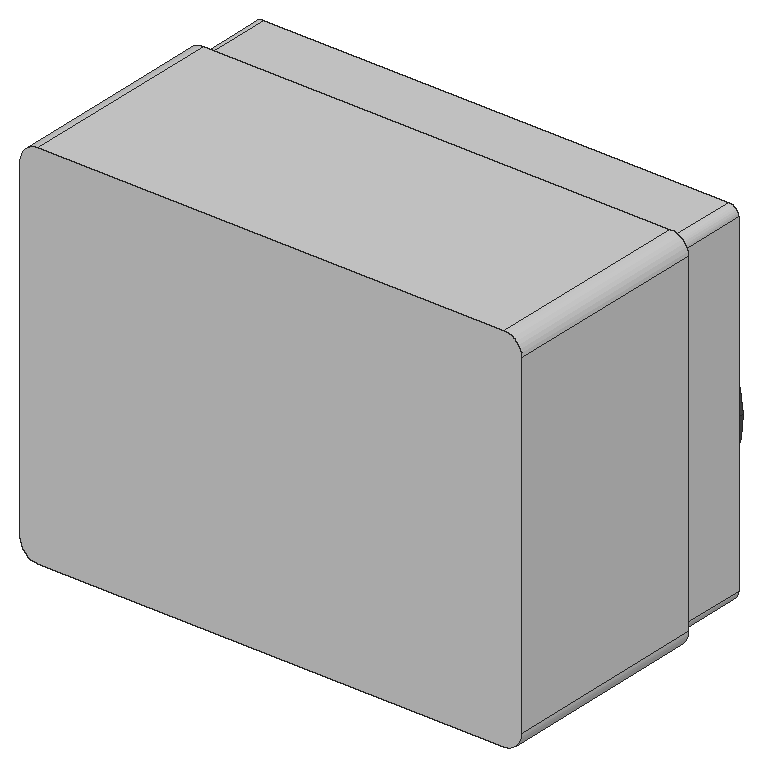
Revit family "Building-IEC309Connections-GEWISS-44IB-INTERLOCKED-SOCKET-OUTLETS_IP44_WITH_BOTTOM", category Apparecchi elettrici, host Muro, Revit 2016
Family settings
  Host = Muro
  Mantenere orientamento annotazione = Sì
  Tipo di parte = Normale
  Quota connettore circolare = Usa diametro
  Numero OmniClass = 23.80.50.14
  Titolo OmniClass = Plug Connectors
  Sempre verticale = Sì
  Taglio con vuoti quando caricato = No
  Condiviso = No
  Punto di calcolo locali = No
Parameters (values of type "GW66022 - 32A 3P+N+E 500V H.INT.SOCK.O.W.B. 7H SBF")
  Working temperature = "-25 ÷ +40 °C"
  With back-mounting box = "Yes"
  Vista di pianta [instance] = yes
  Vetro = GEWISS - vetro
  Version file RFA = "18.0"
  URL = "https://www.gewiss.com/ww/en"
  Typology = "Horizontal"
  Tipo Simbolo = PRESAIND : 3P
  Thermo-pressure with ball = "125 °C (active parts) - 80 °C (passive parts)"
  Technical sheet = "https://www.gewiss.com/ww/en/search?q=GW66022"
  Struttura = GEWISS - Grigio RAL - 7035
  Simbolo [instance] = yes
  Shock resistance = "IK08"
  SEO = "Socket outlet"
  Reference h = "7"
  Realized by GEWISS S.p.A. = ""
  Rated voltage = "480-500V"
  Rated frequency (Hz) = "50/60 Hz"
  Rated current (In) = "32"
  Rated current (A) = "32"
  Protection = "NO (SBF)"
  Produttore = "GEWISS S.p.A."
  Presa = GEWISS - NERO
  Potenza = 500 V
  Operating temperature: = "-25 +40 °C"
  Numero poli = 3
  Number of poles = "3P+N+E"
  No. of poles = "3P+N+E"
  Modello = "GW66022"
  Immagine tipo = GW66010.jpg
  IP degree = "IP44"
  IFC.TypeObject = ""
  IFC.ExportType = ""
  IFC.ExportAs = ""
  IDT = "54ab296f-77ff-4020-be1a-67a03cbf098f"
  IDF = "e013b842-d6f1-4fba-800c-bd3a9423ad0b"
  Glow wire test: = "850 °C (active parts) - 650 °C (passive parts)"
  Glow Wire Test = "850 °C (active parts) - 650 °C (passive parts)"
  Frequency = "50/60 Hz"
  Electrocod = "2220"
  EAN code = "8011564006218"
  Distanza orizzontale del simbolo [instance] = 0 mm
  Distanza dal muro [instance] = 0 mm
  Descrizione = "32A 3P+N+E 500V H.INT.SOCK.O.W.B. 7H SBF"
  Cornice simbolo [instance] = yes
  Colour: = "Black"
  Colour = "Black"
  Classificazione carico = Altro
  Catalogue Range = "44 IB"
  Catalogue = "BUILDING"
  Carico apparente = 0 VA
  COBie.Tagnumber = ""
  COBie.CreatedOn = ""
  COBie.CreatebBy = ""
  COBie.ComponentRegisterItemID = ""
  COBie.Component.TagNumber = ""
  COBie.Component.Space = ""
  COBie.Component.SerialNumber = ""
  COBie.Component.InstallationDate = ""
  COBie.Component.Description = ""
  COBie.Component.BarCode = ""
  Altezza da terra = 820 mm
Types (22, lengths in mm): name | Tipo Simbolo | Technical sheet | Reference h | Rated voltage | Rated current (In) | Rated current (A) | Presa | Potenza | Numero poli | Number of poles | No. of poles | Modello | Immagine tipo | IDT | EAN code | Descrizione | Colour: | Colour
  GW66001 - 16A 2P+E 110V H.INT.SOCK.O.W.B. 4H SBF | PRESAIND : 2P | "https://www.gewiss.com/ww/en/search?q=GW66001" | "4" | "100-130V" | "16" | "16" | GEWISS - GIALLO | 110 V | 2 | "2P+E" | "2P+E" | "GW66001" | GW66001.jpg | "a3f7bddc-b5c9-4c70-9209-5b46b690e596" | "8011564005792" | "16A 2P+E 110V H.INT.SOCK.O.W.B. 4H SBF" | "Yellow" | "Yellow"
  GW66002 - 16A 3P+E 110V H.INT.SOCK.O.W.B. 4H SBF | PRESAIND : 3P | "https://www.gewiss.com/ww/en/search?q=GW66002" | "4" | "100-130V" | "16" | "16" | GEWISS - GIALLO | 110 V | 3 | "3P+E" | "3P+E" | "GW66002" | GW66001.jpg | "4163d0c6-aca8-494a-9caf-537630b581cb" | "8011564005853" | "16A 3P+E 110V H.INT.SOCK.O.W.B. 4H SBF" | "Yellow" | "Yellow"
  GW66003 - 16A 3P+N+E 110V H.INT.SOCK.O.W.B. 4H SBF | PRESAIND : 3P | "https://www.gewiss.com/ww/en/search?q=GW66003" | "4" | "100-130V" | "16" | "16" | GEWISS - GIALLO | 110 V | 3 | "3P+N+E" | "3P+N+E" | "GW66003" | GW66001.jpg | "4909dd62-c378-4db2-a513-8fa569881707" | "8011564005877" | "16A 3P+N+E 110V H.INT.SOCK.O.W.B. 4H SBF" | "Yellow" | "Yellow"
  GW66004 - 16A 2P+E 230V H.INT.SOCK.O.W.B. 6H SBF | PRESAIND : 2P | "https://www.gewiss.com/ww/en/search?q=GW66004" | "6" | "200-250V" | "16" | "16" | GEWISS -BLU | 230 V | 2 | "2P+E" | "2P+E" | "GW66004" | GW66004.jpg | "68a58e34-4234-41ab-b0aa-5701159f1353" | "8011564005808" | "16A 2P+E 230V H.INT.SOCK.O.W.B. 6H SBF" | "Blue" | "Blue"
  GW66005 - 16A 3P+E 230V H.INT.SOCK.O.W.B. 9H SBF | PRESAIND : 3P | "https://www.gewiss.com/ww/en/search?q=GW66005" | "9" | "200-250V" | "16" | "16" | GEWISS -BLU | 230 V | 3 | "3P+E" | "3P+E" | "GW66005" | GW66004.jpg | "52d1561d-2a1b-42a8-b4af-8eca2dd6daf1" | "8011564005815" | "16A 3P+E 230V H.INT.SOCK.O.W.B. 9H SBF" | "Blue" | "Blue"
  GW66006 - 16A 3P+N+E 230V H.INT.SOCK.O.W.B. 9H SBF | PRESAIND : 3P | "https://www.gewiss.com/ww/en/search?q=GW66006" | "9" | "200-250V" | "16" | "16" | GEWISS -BLU | 230 V | 3 | "3P+N+E" | "3P+N+E" | "GW66006" | GW66004.jpg | "5a28dd20-1caf-43ae-815d-48ac05425b7a" | "8011564005884" | "16A 3P+N+E 230V H.INT.SOCK.O.W.B. 9H SBF" | "Blue" | "Blue"
  GW66007 - 16A 2P+E 400V H.INT.SOCK.O.W.B. 9H SBF | PRESAIND : 2P | "https://www.gewiss.com/ww/en/search?q=GW66007" | "9" | "380-415V" | "16" | "16" | GW - ROSSO | 400 V | 2 | "2P+E" | "2P+E" | "GW66007" | GW66007.jpg | "fb047202-5551-429f-9e99-7b5aebd2bce8" | "8011564005846" | "16A 2P+E 400V H.INT.SOCK.O.W.B. 9H SBF" | "Red" | "Red"
  GW66008 - 16A 3P+E 400V H.INT.SOCK.O.W.B. 6H SBF | PRESAIND : 3P | "https://www.gewiss.com/ww/en/search?q=GW66008" | "6" | "380-415V" | "16" | "16" | GW - ROSSO | 400 V | 3 | "3P+E" | "3P+E" | "GW66008" | GW66007.jpg | "37e85ae2-f5b5-4517-93ec-6809111a9bf1" | "8011564005822" | "16A 3P+E 400V H.INT.SOCK.O.W.B. 6H SBF" | "Red" | "Red"
  GW66009 - 16A 3P+N+E 400V H.INT.SOCK.O.W.B. 6H SBF | PRESAIND : 3P | "https://www.gewiss.com/ww/en/search?q=GW66009" | "6" | "380-415V" | "16" | "16" | GW - ROSSO | 400 V | 3 | "3P+N+E" | "3P+N+E" | "GW66009" | GW66007.jpg | "8810f1d4-6790-4849-8179-3e8b86234cba" | "8011564005839" | "16A 3P+N+E 400V H.INT.SOCK.O.W.B. 6H SBF" | "Red" | "Red"
  GW66010 - 16A 3P+E 500V H.INT.SOCK.O.W.B. 7H SBF | PRESAIND : 3P | "https://www.gewiss.com/ww/en/search?q=GW66010" | "7" | "480-500V" | "16" | "16" | GEWISS - NERO | 500 V | 3 | "3P+E" | "3P+E" | "GW66010" | GW66010.jpg | "df0f9a86-c772-42fd-8cd7-bff315a128d0" | "8011564005860" | "16A 3P+E 500V H.INT.SOCK.O.W.B. 7H SBF" | "Black" | "Black"
  GW66011 - 16A 3P+N+E 500V H.INT.SOCK.O.W.B. 7H SBF | PRESAIND : 3P | "https://www.gewiss.com/ww/en/search?q=GW66011" | "7" | "480-500V" | "16" | "16" | GEWISS - NERO | 500 V | 3 | "3P+N+E" | "3P+N+E" | "GW66011" | GW66010.jpg | "8156e431-96de-4fb2-92ac-bff0f0a21d1c" | "8011564006096" | "16A 3P+N+E 500V H.INT.SOCK.O.W.B. 7H SBF" | "Black" | "Black"
  GW66012 - 32A 2P+E 110V H.INT.SOCK.O.W.B. 4H SBF | PRESAIND : 2P | "https://www.gewiss.com/ww/en/search?q=GW66012" | "4" | "100-130V" | "32" | "32" | GEWISS - GIALLO | 110 V | 2 | "2P+E" | "2P+E" | "GW66012" | GW66001.jpg | "cfa100f8-553e-46ba-b6cb-1415eb4d983e" | "8011564006140" | "32A 2P+E 110V H.INT.SOCK.O.W.B. 4H SBF" | "Yellow" | "Yellow"
  GW66013 - 32A 3P+E 110V H.INT.SOCK.O.W.B. 4H SBF | PRESAIND : 3P | "https://www.gewiss.com/ww/en/search?q=GW66013" | "4" | "100-130V" | "32" | "32" | GEWISS - GIALLO | 110 V | 3 | "3P+E" | "3P+E" | "GW66013" | GW66001.jpg | "1230e05d-d1e4-4735-9249-c7c564bf6715" | "8011564006164" | "32A 3P+E 110V H.INT.SOCK.O.W.B. 4H SBF" | "Yellow" | "Yellow"
  GW66014 - 32A 3P+N+E 110V H.INT.SOCK.O.W.B. 4H SBF | PRESAIND : 3P | "https://www.gewiss.com/ww/en/search?q=GW66014" | "4" | "100-130V" | "32" | "32" | GEWISS - GIALLO | 110 V | 3 | "3P+N+E" | "3P+N+E" | "GW66014" | GW66001.jpg | "0888c3c8-2d52-45ff-9f3d-c5e786c49ba1" | "8011564006195" | "32A 3P+N+E 110V H.INT.SOCK.O.W.B. 4H SBF" | "Yellow" | "Yellow"
  GW66015 - 32A 2P+E 230V H.INT.SOCK.O.W.B. 6H SBF | PRESAIND : 2P | "https://www.gewiss.com/ww/en/search?q=GW66015" | "6" | "200-250V" | "32" | "32" | GEWISS -BLU | 230 V | 2 | "2P+E" | "2P+E" | "GW66015" | GW66004.jpg | "f28ceccb-df85-4c81-ada8-176a508920dd" | "8011564006102" | "32A 2P+E 230V H.INT.SOCK.O.W.B. 6H SBF" | "Blue" | "Blue"
  GW66016 - 32A 3P+E 230V H.INT.SOCK.O.W.B. 9H SBF | PRESAIND : 3P | "https://www.gewiss.com/ww/en/search?q=GW66016" | "9" | "200-250V" | "32" | "32" | GEWISS -BLU | 230 V | 3 | "3P+E" | "3P+E" | "GW66016" | GW66004.jpg | "cbdf87e6-d6d8-4471-b32b-d94764dd0be4" | "8011564006171" | "32A 3P+E 230V H.INT.SOCK.O.W.B. 9H SBF" | "Blue" | "Blue"
  GW66017 - 32A 3P+N+E 230V H.INT.SOCK.O.W.B. 9H SBF | PRESAIND : 3P | "https://www.gewiss.com/ww/en/search?q=GW66017" | "9" | "200-250V" | "32" | "32" | GEWISS -BLU | 230 V | 3 | "3P+N+E" | "3P+N+E" | "GW66017" | GW66004.jpg | "d48eb508-2fa2-437c-917b-db812bfefd6b" | "8011564006201" | "32A 3P+N+E 230V H.INT.SOCK.O.W.B. 9H SBF" | "Blue" | "Blue"
  GW66018 - 32A 2P+E 400V H.INT.SOCK.O.W.B. 9H SBF | PRESAIND : 2P | "https://www.gewiss.com/ww/en/search?q=GW66018" | "9" | "380-415V" | "32" | "32" | GW - ROSSO | 400 V | 2 | "2P+E" | "2P+E" | "GW66018" | GW66007.jpg | "1b72d26a-ba04-433c-aedb-473fd967db95" | "8011564006157" | "32A 2P+E 400V H.INT.SOCK.O.W.B. 9H SBF" | "Red" | "Red"
  GW66019 - 32A 3P+E 400V H.INT.SOCK.O.W.B. 6H SBF | PRESAIND : 3P | "https://www.gewiss.com/ww/en/search?q=GW66019" | "6" | "380-415V" | "32" | "32" | GW - ROSSO | 400 V | 3 | "3P+E" | "3P+E" | "GW66019" | GW66007.jpg | "347fe79c-85ff-4400-b694-9507616d03e5" | "8011564006126" | "32A 3P+E 400V H.INT.SOCK.O.W.B. 6H SBF" | "Red" | "Red"
  GW66020 - 32A 3P+N+E 400V H.INT.SOCK.O.W.B. 6H SBF | PRESAIND : 3P | "https://www.gewiss.com/ww/en/search?q=GW66020" | "6" | "380-415V" | "32" | "32" | GW - ROSSO | 400 V | 3 | "3P+N+E" | "3P+N+E" | "GW66020" | GW66007.jpg | "82271bbf-2cad-4fd2-a546-69ebb358dc91" | "8011564006133" | "32A 3P+N+E 400V H.INT.SOCK.O.W.B. 6H SBF" | "Red" | "Red"
  GW66021 - 32A 3P+E 500V H.INT.SOCK.O.W.B. 7H SBF | PRESAIND : 3P | "https://www.gewiss.com/ww/en/search?q=GW66021" | "7" | "480-500V" | "32" | "32" | GEWISS - NERO | 500 V | 3 | "3P+E" | "3P+E" | "GW66021" | GW66010.jpg | "df45329b-e515-4e0d-b766-ab9d36224688" | "8011564006188" | "32A 3P+E 500V H.INT.SOCK.O.W.B. 7H SBF" | "Black" | "Black"
  GW66022 - 32A 3P+N+E 500V H.INT.SOCK.O.W.B. 7H SBF | PRESAIND : 3P | "https://www.gewiss.com/ww/en/search?q=GW66022" | "7" | "480-500V" | "32" | "32" | GEWISS - NERO | 500 V | 3 | "3P+N+E" | "3P+N+E" | "GW66022" | GW66010.jpg | "54ab296f-77ff-4020-be1a-67a03cbf098f" | "8011564006218" | "32A 3P+N+E 500V H.INT.SOCK.O.W.B. 7H SBF" | "Black" | "Black"
Reference planes
  plane 1 "Muro": y = 0
  plane 2 "Centro (Sinistra/Destra)": x = 125
  plane 3 "Indietro": y = 75
  plane 4: z = 820
  plane 5: x = 125
Lines and regions (mm)
  Masking region 1, visible <- "Vista di pianta"
    outline origin (0, 0, 0) x (1, 0, 0) y (0, 1, 0)
      loop
        line (47.5, 75) -> (202.5, 75) -> (202.5, 139) -> (47.5, 139) -> (47.5, 75)
      loop
        line (54.577, 162) -> (103.953, 162) -> (103.953, 170) -> (54.577, 170) -> (54.577, 162)
      loop
        line (126.634, 170) -> (126.634, 162) -> (194.527, 162) -> (194.527, 170) -> (126.634, 170)
  Masking region 2, visible <- "Vista di pianta"
    outline origin (0, 0, 0) x (1, 0, 0) y (0, 1, 0)
      loop
        line (50.25, 162) -> (50.25, 139) -> (199.75, 139) -> (199.75, 162) -> (50.25, 162)
  Masking region 3
    outline origin (125, 0, 0) x (0, 1, 0) y (0, 0, 1)
      loop
        line (139, 820) -> (139, 935) -> (75, 935) -> (75, 820) -> (139, 820)
      loop
        line (162, 916.928) -> (162, 829.448) -> (174.049, 829.448) -> (174.049, 916.928) -> (162, 916.928)
  Masking region 4
    outline origin (125, 0, 0) x (0, 1, 0) y (0, 0, 1)
      loop
        line (162, 932.25) -> (139, 932.25) -> (139, 822.772) -> (162, 822.772) -> (162, 932.25)
Text (mm)
  text "Lato posizionamento" at (-1848.837, 1116.779, 0), in view "Livello rif."
  text "Lato posizionamento" at (0, 1409.804, 2854.306), in view "Sinistra"
  text "Lato posizionamento" at (0, 499.811, 2980.732), in view "Destra"
Dimensions and locks
  locked: plane 3 "Indietro" to host wall
  "Altezza da terra": level to plane 4
  "Distanza orizzontale del simbolo": plane 5 to plane 2 "Centro (Sinistra/Destra)"
  aligned and locked: plane 1 "Muro" to host wall
  aligned and locked: nested 1 to plane 3 "Indietro"
  aligned and locked: plane 5 to nested 2
  aligned and locked: nested 1 to Masking region 3 sketch curve
  aligned and locked: plane 4 to Masking region 3 sketch curve
  aligned and locked: nested 1 to Masking region 4 sketch curve
  aligned and locked: Masking region 4 sketch curve to nested 1
  aligned and locked: nested 3 to plane 4
  aligned and locked: plane 4 to nested 1
  aligned and locked: nested 1 to plane 4
Automatic sketch dimensions
  Masking region 1 sketch curve to host wall = 0 mm
  Masking region 1 sketch curve to plane 2 "Centro (Sinistra/Destra)" = 77.5 mm
  Masking region 1 sketch curve to Masking region 1 sketch curve = 7.077 mm
  Masking region 1 sketch curve to plane 2 "Centro (Sinistra/Destra)" = 21.047 mm
  plane 2 "Centro (Sinistra/Destra)" to Masking region 1 sketch curve = 1.634 mm
  Masking region 1 sketch curve to Masking region 1 sketch curve = 67.893 mm
  Masking region 1 sketch curve to Masking region 1 sketch curve = 7.973 mm
  Masking region 1 sketch curve to Masking region 1 sketch curve = 64 mm
  Masking region 1 sketch curve to Masking region 1 sketch curve = 23 mm
  Masking region 1 sketch curve to Masking region 1 sketch curve = 0 mm
  Masking region 1 sketch curve to Masking region 1 sketch curve = 8 mm  (x2)
  Masking region 2 sketch curve to plane 2 "Centro (Sinistra/Destra)" = 74.75 mm
  plane 2 "Centro (Sinistra/Destra)" to Masking region 2 sketch curve = 74.75 mm
  host wall to Masking region 2 sketch curve = 64 mm
  Masking region 2 sketch curve to Masking region 2 sketch curve = 23 mm
  Masking region 3 sketch curve to Masking region 3 sketch curve = 23 mm
  Masking region 3 sketch curve to Masking region 3 sketch curve = 12.049 mm
  plane 4 to Masking region 3 sketch curve = 9.448 mm
  Masking region 3 sketch curve to Masking region 3 sketch curve = 18.072 mm
  plane 4 to Masking region 4 sketch curve = 2.772 mm
  host wall to Masking region 3 sketch curve = 64 mm
  Masking region 3 sketch curve to Masking region 3 sketch curve = 87.48 mm
  Masking region 4 sketch curve to Masking region 4 sketch curve = 109.478 mm
Nested families
  nested 1: "IB PRESE INTERBLOC ORIZ_BASE" at (125, 75, 233.117) x (-1, 0, 0) z (0, 0, 1), type "IB PRESE INTERBLOC ORIZ_BASE"
  nested 2: "PRESAIND" at (125, 75, 0), Distanza dal muro <- "Distanza dal muro", BORDO ACCESO <- "Cornice simbolo", SIMBOLO ACCESO <- "Simbolo", type <- "Tipo Simbolo", type "3P"
    with SIMBOLO ACCESO yes, Distanza dal muro 0 mm, BORDO ACCESO yes
  nested 3: "2D - IB PRESE INTERBLOC ORIZ IP44" at (125, 0, 877.5) x (-1, 0, 0) z (0, -1, 0), type "BIDIMENSIONALE"
Connectors
  electrical at (125, 107, 820), driven by "Numero poli", driven by "Classificazione carico", driven by "Potenza", driven by "Carico apparente"
    settings: on nested 1, index 1, voltage 500 V, apparent load 0 VA, apparent load phase1 0 VA, apparent load phase2 0 VA, apparent load phase3 0 VA, power factor 1, load classification "Altro", number of poles 3, system type 31, power factor state 1, is connector primary yes, connector utility no, sub classification motor no, connector description ""
Definition of nested family "IB PRESE INTERBLOC ORIZ_BASE"
  Parameters (values of type "IB PRESE INTERBLOC ORIZ_BASE")
    Vetro = none
    Struttura = none
    Spessore = 160 mm
    Default Elevation = 14 mm
    Presa = none
    Lunghezza = 155 mm
    IFC.TypeObject = ""
    IFC.ExportType = ""
    IFC.ExportAs = ""
    H_da terra = 586.883 mm
    COBie.CreatedOn = ""
    COBie.CreatebBy = ""
    COBie.ComponentRegisterItemID = ""
    COBie.Component.TagNumber = ""
    COBie.Component.Space = ""
    COBie.Component.SerialNumber = ""
    COBie.Component.InstallationDate = ""
    COBie.Component.Description = ""
    COBie.Component.BarCode = ""
    Altezza = 115 mm
  Types (2): name
    IB PRESE INTERBLOC ORIZ_BASE
    IB PRESE INTERBLOC ORIZ
  Reference planes
    plane 1 "Centro (Fronte/Retro)": y = 0
    plane 2: z = 0
    plane 3 "Centro (Sinistra/Destra)": x = 0
    plane 4: y = -64
    plane 5: x = -77.5
    plane 6: z = 701.883
    plane 7: x = 77.5
    plane 8: z = 586.883
    plane 9: z = 699.133
    plane 10: x = -74.75
    plane 11: z = 589.633
    plane 12: x = 74.75
    plane 13: y = -87
    plane 14: y = -95
  Forms (mm)
    Extrusion 1, solid, material <- "Struttura"
      sketch origin (0, 0, 0) x (1, 0, 0) y (0, 0, 1)
        loop
          arc (-71.956, 701.883) -> (-75.876, 700.259) -> (-77.5, 696.34) r 5.544
          line (-77.5, 696.34) -> (-77.5, 592.427)
          arc (-77.5, 592.427) -> (-75.876, 588.507) -> (-71.956, 586.883) r 5.544
          line (-71.956, 586.883) -> (71.956, 586.883)
          arc (71.956, 586.883) -> (75.876, 588.507) -> (77.5, 592.427) r 5.544
          line (77.5, 592.427) -> (77.5, 696.34)
          arc (77.5, 696.34) -> (75.876, 700.259) -> (71.956, 701.883) r 5.544
          line (71.956, 701.883) -> (-71.956, 701.883)
      from 0 to 64
    Extrusion 2, solid, material <- "Struttura"
      sketch origin (0, 0, 0) x (1, 0, 0) y (0, 0, 1)
        loop
          line (-74.75, 696.134) -> (-74.75, 592.633)
          arc (-74.75, 592.633) -> (-73.872, 590.512) -> (-71.751, 589.633) r 3
          line (-71.751, 589.633) -> (71.751, 589.633)
          arc (71.751, 589.633) -> (73.872, 590.512) -> (74.75, 592.633) r 3
          line (74.75, 592.633) -> (74.75, 696.134)
          arc (74.75, 696.134) -> (73.872, 698.255) -> (71.751, 699.133) r 3
          line (71.751, 699.133) -> (-71.751, 699.133)
          arc (-71.751, 699.133) -> (-73.872, 698.255) -> (-74.75, 696.134) r 3
      from 64 to 87
    Extrusion 3, solid
      sketch origin (-5.662, 0, -72.439) x (1, 0, 0) y (0, 0, 1)
        loop
          circle (51.251, 703.105) r 24.739
        loop
          circle (51.251, 703.105) r 22.94
      from 87 to 95
    Extrusion 4, solid
      sketch origin (-5.662, 0, -72.439) x (1, 0, 0) y (0, 0, 1)
        loop
          arc (44.954, 681.047) -> (51.251, 680.165) -> (57.548, 681.047) r 22.94
          line (57.548, 681.047) -> (57.548, 725.164)
          arc (57.548, 725.164) -> (51.251, 726.045) -> (44.954, 725.164) r 22.94
          line (44.954, 725.164) -> (44.954, 681.047)
      from 87 to 95
    Extrusion 5, solid
      sketch origin (13.767, 0, -41.736) x (1, 0, 0) y (0, 0, 1)
        loop
          line (-45.177, 720.626) -> (-77.753, 720.626)
          arc (-77.753, 720.626) -> (-83.817, 718.114) -> (-86.328, 712.051) r 8.576
          line (-86.328, 712.051) -> (-86.328, 643.46)
          arc (-86.328, 643.46) -> (-83.818, 637.4) -> (-77.758, 634.89) r 8.57
          line (-77.758, 634.89) -> (-19.254, 634.89)
          arc (-19.254, 634.89) -> (-13.188, 637.402) -> (-10.675, 643.468) r 8.578
          line (-10.675, 643.468) -> (-10.675, 712.051)
          arc (-10.675, 712.051) -> (-13.187, 718.114) -> (-19.25, 720.626) r 8.575
          line (-19.25, 720.626) -> (-45.177, 720.626)
      from 87 to 87.989
    Extrusion 6, solid, material <- "Presa"
      sketch origin (13.767, 0, -41.736) x (1, 0, 0) y (0, 0, 1)
        loop
          circle (-49.336, 677.759) r 34.002
      from 87 to 95
    Extrusion 7, solid, material <- "Presa"
      sketch origin (13.767, 0, -41.736) x (1, 0, 0) y (0, 0, 1)
        loop
          line (-33.371, 725.547) -> (-63.631, 725.547) -> (-63.631, 647.738)
          arc (-63.631, 647.738) -> (-62.237, 643.203) -> (-58.535, 640.236) r 8.07
          arc (-58.535, 640.236) -> (-48.501, 638.067) -> (-38.467, 640.236) r 24.294
          arc (-38.467, 640.236) -> (-34.765, 643.203) -> (-33.371, 647.738) r 8.07
          line (-33.371, 647.738) -> (-33.371, 725.547)
      from 87 to 99.049
    Extrusion 8, solid, material <- "Vetro"
      sketch origin (0, 0, 0) x (1, 0, 0) y (0, 0, 1)
        loop
          arc (17.017, 686.883) -> (15.591, 686.292) -> (15, 684.866) r 2.017
          line (15, 684.866) -> (15, 675.232)
          arc (15, 675.232) -> (15.591, 673.805) -> (17.017, 673.214) r 2.017
          line (17.017, 673.214) -> (61.234, 673.214)
          arc (61.234, 673.214) -> (62.661, 673.805) -> (63.252, 675.232) r 2.017
          line (63.252, 675.232) -> (63.252, 684.866)
          arc (63.252, 684.866) -> (62.661, 686.292) -> (61.234, 686.883) r 2.017
          line (61.234, 686.883) -> (17.017, 686.883)
      from 82.324 to 87
    Extrusion 9, solid, not visible
      sketch origin (0, 0, 0) x (1, 0, 0) y (0, 0, 1)
        loop
          line (-45.177, 720.626) -> (-77.753, 720.626)
          arc (-77.753, 720.626) -> (-83.817, 718.114) -> (-86.328, 712.051) r 8.576
          line (-86.328, 712.051) -> (-86.328, 643.46)
          arc (-86.328, 643.46) -> (-83.818, 637.4) -> (-77.758, 634.89) r 8.57
          line (-77.758, 634.89) -> (-19.254, 634.89)
          arc (-19.254, 634.89) -> (-13.188, 637.402) -> (-10.675, 643.468) r 8.578
          line (-10.675, 643.468) -> (-10.675, 712.051)
          arc (-10.675, 712.051) -> (-13.187, 718.114) -> (-19.25, 720.626) r 8.575
          line (-19.25, 720.626) -> (-45.177, 720.626)
      from 87 to 87.989
    Extrusion 10, solid, material <- "Presa", not visible
      sketch origin (0, 0, 0) x (1, 0, 0) y (0, 0, 1)
        loop
          circle (-49.336, 677.759) r 34.002
      from 87 to 95
    Extrusion 11, solid, material <- "Presa", not visible
      sketch origin (0, 0, 0) x (1, 0, 0) y (0, 0, 1)
        loop
          line (-33.371, 725.547) -> (-63.631, 725.547) -> (-63.631, 647.738)
          arc (-63.631, 647.738) -> (-62.237, 643.203) -> (-58.535, 640.236) r 8.07
          arc (-58.535, 640.236) -> (-48.501, 638.067) -> (-38.467, 640.236) r 24.294
          arc (-38.467, 640.236) -> (-34.765, 643.203) -> (-33.371, 647.738) r 8.07
          line (-33.371, 647.738) -> (-33.371, 725.547)
      from 87 to 99.049
    Extrusion 12, solid, not visible
      sketch origin (0, 0, 0) x (1, 0, 0) y (0, 0, 1)
        loop
          circle (51.251, 703.105) r 24.739
        loop
          circle (51.251, 703.105) r 22.94
      from 87 to 95
    Extrusion 13, solid, not visible
      sketch origin (0, 0, 0) x (1, 0, 0) y (0, 0, 1)
        loop
          arc (44.954, 681.047) -> (51.251, 680.165) -> (57.548, 681.047) r 22.94
          line (57.548, 681.047) -> (57.548, 725.164)
          arc (57.548, 725.164) -> (51.251, 726.045) -> (44.954, 725.164) r 22.94
          line (44.954, 725.164) -> (44.954, 681.047)
      from 87 to 95
    Extrusion 14, void
      sketch origin (0, 0, 0) x (1, 0, 0) y (0, 0, 1)
        loop
          line (61.234, 686.883) -> (17.017, 686.883)
          arc (17.017, 686.883) -> (15.591, 686.292) -> (15, 684.866) r 2.017
          line (15, 684.866) -> (15, 675.232)
          arc (15, 675.232) -> (15.591, 673.805) -> (17.017, 673.214) r 2.017
          line (17.017, 673.214) -> (61.234, 673.214)
          arc (61.234, 673.214) -> (62.661, 673.805) -> (63.252, 675.232) r 2.017
          line (63.252, 675.232) -> (63.252, 684.866)
          arc (63.252, 684.866) -> (62.661, 686.292) -> (61.234, 686.883) r 2.017
      from 64 to 87
  Cuts and joins
    Extrusion 14 cuts Extrusion 1
    Extrusion 14 cuts Extrusion 2
  Dimensions and locks
    "H_da terra": plane 8 to plane 2
    "Altezza": plane 6 to plane 8
    equal spacing: plane 5, plane 3 "Centro (Sinistra/Destra)", plane 7
    "Lunghezza": plane 5 to plane 7
    locked: plane 1 "Centro (Fronte/Retro)" to plane 4 at 64
    locked: plane 5 to plane 10 at 2.75
    locked: plane 7 to plane 12 at 2.75
    locked: plane 6 to plane 9 at 2.75
    locked: plane 11 to plane 8 at 2.75
    locked: plane 4 to plane 13 at 23
    locked: plane 14 to plane 13 at 8
    locked: Extrusion 5 sketch curve to Extrusion 5 sketch curve at 75.653
    locked: Extrusion 5 to Extrusion 2 at 0.989
    plane 8 to Extrusion 8 = 100 mm
    locked: Extrusion 9 sketch curve to Extrusion 9 sketch curve at 75.653
    aligned and locked: level to plane 2
    aligned and locked: Extrusion 1 sketch curve to plane 6
    aligned and locked: Extrusion 1 sketch curve to plane 5
    aligned and locked: Extrusion 1 sketch curve to plane 7
    aligned and locked: Extrusion 1 sketch curve to plane 8
    aligned and locked: Extrusion 1 to plane 4
    aligned and locked: Extrusion 2 sketch curve to plane 10
    aligned and locked: Extrusion 2 sketch curve to plane 11
    aligned and locked: Extrusion 2 sketch curve to plane 9
    aligned and locked: Extrusion 2 sketch curve to plane 12
    aligned and locked: Extrusion 2 to plane 13
    aligned and locked: Extrusion 3 to Extrusion 2
    aligned and locked: plane 14 to Extrusion 3
    aligned and locked: plane 13 to Extrusion 4
    aligned and locked: plane 14 to Extrusion 4
    aligned and locked: plane 13 to Extrusion 5
    aligned and locked: plane 13 to Extrusion 6
    aligned and locked: plane 14 to Extrusion 6
    aligned and locked: plane 13 to Extrusion 7
    aligned and locked: Extrusion 8 to plane 13
    aligned and locked: Extrusion 14 to Extrusion 1
    aligned and locked: Extrusion 14 to Extrusion 3
  Automatic sketch dimensions
    Extrusion 1 sketch curve to plane 5 = 5.544 mm  (x2)
    Extrusion 1 sketch curve to plane 6 = 5.544 mm
    Extrusion 1 sketch curve to plane 7 = 5.544 mm
    plane 10 to Extrusion 2 sketch curve = 3 mm
    Extrusion 2 sketch curve to Extrusion 2 sketch curve = 3 mm  (x2)
    Extrusion 2 sketch curve to plane 11 = 3 mm
    Extrusion 4 sketch curve to Extrusion 4 sketch curve = 6.297 mm
    Extrusion 4 sketch curve to Extrusion 4 sketch curve = 0 mm  (x5)
    Extrusion 4 sketch curve to Extrusion 4 sketch curve = 22.059 mm  (x2)
    Extrusion 5 sketch curve to Extrusion 5 sketch curve = 8.57 mm
    Extrusion 5 sketch curve to Extrusion 5 sketch curve = 8.576 mm
    Extrusion 5 sketch curve to Extrusion 5 sketch curve = 8.578 mm
    Extrusion 5 sketch curve to Extrusion 5 sketch curve = 32.575 mm
    Extrusion 5 sketch curve to Extrusion 5 sketch curve = 25.927 mm
    Extrusion 7 sketch curve to Extrusion 7 sketch curve = 8.07 mm
    Extrusion 7 sketch curve to Extrusion 7 sketch curve = 7.061 mm
    Extrusion 7 sketch curve to Extrusion 7 sketch curve = 14.122 mm
    Extrusion 7 sketch curve to Extrusion 7 sketch curve = 30.261 mm
    Extrusion 7 sketch curve to Extrusion 7 sketch curve = 63.187 mm
    Extrusion 7 sketch curve to Extrusion 7 sketch curve = 14.623 mm  (x2)
    Extrusion 7 sketch curve to Extrusion 7 sketch curve = 2.973 mm
    plane 3 "Centro (Sinistra/Destra)" to Extrusion 8 sketch curve = 15 mm
    Extrusion 8 sketch curve to Extrusion 8 sketch curve = 2.017 mm  (x2)
    Extrusion 8 sketch curve to plane 12 = 13.516 mm  (x2)
    Extrusion 8 sketch curve to plane 12 = 11.498 mm
    Extrusion 8 sketch curve to plane 11 = 83.581 mm
    Extrusion 8 sketch curve to Extrusion 8 sketch curve = 9.634 mm
    Extrusion 5 sketch curve to Extrusion 5 sketch curve = 8.575 mm  (x2)
    Extrusion 5 sketch curve to Extrusion 5 sketch curve = 68.591 mm
    Extrusion 9 sketch curve to Extrusion 9 sketch curve = 8.57 mm
    Extrusion 9 sketch curve to Extrusion 9 sketch curve = 8.576 mm
    Extrusion 9 sketch curve to Extrusion 9 sketch curve = 8.578 mm
    Extrusion 9 sketch curve to Extrusion 9 sketch curve = 32.575 mm
    Extrusion 9 sketch curve to Extrusion 9 sketch curve = 25.927 mm
    Extrusion 11 sketch curve to Extrusion 11 sketch curve = 8.07 mm
    Extrusion 11 sketch curve to Extrusion 11 sketch curve = 7.061 mm
    Extrusion 11 sketch curve to Extrusion 11 sketch curve = 14.122 mm
    Extrusion 11 sketch curve to Extrusion 11 sketch curve = 30.261 mm
    Extrusion 11 sketch curve to Extrusion 11 sketch curve = 63.187 mm
    Extrusion 11 sketch curve to Extrusion 11 sketch curve = 14.623 mm  (x2)
    Extrusion 11 sketch curve to Extrusion 11 sketch curve = 2.973 mm
    Extrusion 9 sketch curve to Extrusion 9 sketch curve = 8.575 mm  (x2)
    Extrusion 9 sketch curve to Extrusion 9 sketch curve = 68.591 mm
    Extrusion 3 sketch curve to Extrusion 3 sketch curve = 0 mm  (x4)
    Extrusion 13 sketch curve to Extrusion 13 sketch curve = 6.297 mm
    Extrusion 13 sketch curve to Extrusion 13 sketch curve = 0 mm  (x5)
    Extrusion 13 sketch curve to Extrusion 13 sketch curve = 22.059 mm  (x2)
    Extrusion 12 sketch curve to Extrusion 12 sketch curve = 0 mm  (x4)
    plane 3 "Centro (Sinistra/Destra)" to Extrusion 14 sketch curve = 15 mm
    Extrusion 14 sketch curve to Extrusion 14 sketch curve = 2.017 mm  (x3)
    Extrusion 14 sketch curve to plane 12 = 13.516 mm
    Extrusion 14 sketch curve to Extrusion 14 sketch curve = 0 mm
    plane 9 to Extrusion 14 sketch curve = 25.919 mm
    Extrusion 14 sketch curve to Extrusion 14 sketch curve = 9.634 mm
    radius of Extrusion 3 sketch curve = 24.739 mm
    radius of Extrusion 3 sketch curve = 22.94 mm
    radius of Extrusion 6 sketch curve = 34.002 mm
    radius of Extrusion 10 sketch curve = 34.002 mm
    radius of Extrusion 12 sketch curve = 24.739 mm
    radius of Extrusion 12 sketch curve = 22.94 mm
Definition of nested family "PRESAIND"
  Parameters (values of type "2P")
    SIMBOLO ACCESO [instance] = yes
    SIMBOLO = PRESAIND_BASE : 2P
    Distanza dal muro [instance] = 0 mm
    BORDO ACCESO [instance] = yes
  Types (2, lengths in mm): name | SIMBOLO
    2P | PRESAIND_BASE : 2P
    3P | PRESAIND_BASE : 3P
  Reference planes
    plane 1: y = 0
    plane 2: x = 0
  Dimensions and locks
    "Distanza dal muro": plane 1 to nested 1
    aligned and locked: plane 2 to nested 1
  Nested families
    nested 1: "PRESAIND_BASE" at (0, 0, 0), type <- "SIMBOLO", CORNICE SIMBOLO <- "BORDO ACCESO", visible <- "SIMBOLO ACCESO", type "2P"
  Definition of nested family "PRESAIND_BASE"
    Parameters (values of type "3P")
      CORNICE SIMBOLO [instance] = yes
      3P = yes
    Types (2, lengths in mm): name | 3P
      3P | yes
      2P | no
    Reference planes
      plane 1: y = 0
      plane 2: x = 0
    Lines and regions (mm)
      detail lines, visible <- "CORNICE SIMBOLO"
        curve 1: line (-0.9, 2.3, 0) -> (0.9, 2.3, 0)
        curve 2: line (0.9, 2.3, 0) -> (0.9, 0, 0)
        curve 3: line (0.9, 0, 0) -> (-0.9, 0, 0)
        curve 4: line (-0.9, 0, 0) -> (-0.9, 2.3, 0)
      detail lines, not visible
        curve 5: line (-2.443, 10.208, 0) -> (2.057, 10.208, 0)
        curve 6: line (2.057, 10.208, 0) -> (2.057, 4.208, 0)
        curve 7: line (2.057, 4.208, 0) -> (-2.443, 4.208, 0)
        curve 8: line (-2.443, 4.208, 0) -> (-2.443, 10.208, 0)
        curve 9: line (-2.043, 9.808, 0) -> (1.657, 9.808, 0)
        curve 10: line (1.657, 9.808, 0) -> (1.657, 4.608, 0)
        curve 11: line (1.657, 4.608, 0) -> (-2.043, 4.608, 0)
        curve 12: line (-2.043, 4.608, 0) -> (-2.043, 9.808, 0)
      detail lines
        curve 13: line (-0.45, 0.969, 0) -> (-0.167, 0.969, 0)
        curve 14: line (-0.167, 0.969, 0) -> (0.33, 1.829, 0)
        curve 15: line (0.33, 1.829, 0) -> (0.836, 1.536, 0)
        curve 16: line (-0.167, 0.969, 0) -> (-0.45, 0.478, 0)
        curve 17: line (-0.45, 0.478, 0) -> (-0.45, 2.241, 0)
        curve 18: line (0.135, 1.491, 0) -> (0.641, 1.199, 0)
        curve 19: line (-0.84, 0.478, 0) -> (-0.06, 0.478, 0)
        curve 20: line (-0.45, 0.852, 0) -> (-0.333, 0.969, 0)
        curve 21: line (-0.45, 0.783, 0) -> (-0.264, 0.969, 0)
        curve 22: line (-0.45, 0.714, 0) -> (-0.195, 0.969, 0)
        curve 23: line (-0.45, 0.645, 0) -> (-0.223, 0.872, 0)
        curve 24: line (-0.45, 0.576, 0) -> (-0.317, 0.709, 0)
        curve 26: arc (-0.84, 0.089, 0) -> (-0.45, 0.478, 0) -> (-0.06, 0.089, 0) r 0.39
      detail lines, visible <- "3P"
        curve 25: line (-0.06, 1.154, 0) -> (0.446, 0.861, 0)
Definition of nested family "2D - IB PRESE INTERBLOC ORIZ IP44"
  Reference planes
    plane 1 "Centro (Fronte/Retro)": y = 0
    plane 2: z = 0
    plane 3 "Centro (Sinistra/Destra)": x = 0
  Lines and regions (mm)
    model lines, in view "Livello rif."
      curve 1: arc (-45.284, 15.349, 0) -> (-56.217, -6.517, 0) -> (-45.284, -28.383, 0) r 27.333
      curve 2: arc (-12.484, -28.383, 0) -> (-1.551, -6.517, 0) -> (-12.484, 15.349, 0) r 27.333
      curve 3: arc (-18.008, -38.156, 0) -> (-14.326, -35.386, 0) -> (-12.484, -31.163, 0) r 9.056
      curve 4: arc (-45.284, -31.163, 0) -> (-43.441, -35.386, 0) -> (-39.759, -38.156, 0) r 9.056
      curve 5: line (-45.284, 21.909, 0) -> (-12.484, 21.909, 0)
      curve 6: line (-12.484, -31.163, 0) -> (-12.484, 35.576, 0)
      curve 7: line (-12.484, 35.576, 0) -> (-45.284, 35.576, 0)
      curve 8: line (-45.284, 35.576, 0) -> (-45.284, -31.163, 0)
      curve 9: line (-39.759, -38.156, 0) -> (-18.008, -38.156, 0)
      curve 10: arc (8.375, 30.656, 0) -> (5.653, 37.227, 0) -> (-0.919, 39.949, 0) r 9.293
      curve 11: arc (-0.919, -43.509, 0) -> (5.653, -40.787, 0) -> (8.375, -34.216, 0) r 9.293
      curve 12: arc (-66.142, -34.216, 0) -> (-63.42, -40.787, 0) -> (-56.849, -43.509, 0) r 9.293
      curve 13: arc (-56.849, 39.949, 0) -> (-63.42, 37.227, 0) -> (-66.142, 30.656, 0) r 9.293
      curve 14: arc (-71.533, 57.5, 0) -> (-75.748, 55.754, 0) -> (-77.494, 51.539, 0) r 5.961
      curve 15: arc (71.539, -57.5, 0) -> (75.754, -55.754, 0) -> (77.5, -51.539, 0) r 5.961
      curve 16: arc (-77.494, -51.539, 0) -> (-75.748, -55.754, 0) -> (-71.533, -57.5, 0) r 5.961
      curve 17: arc (35.173, -35.007, 0) -> (41.429, -35.92, 0) -> (47.684, -35.007, 0) r 21.884
      curve 18: arc (35.279, 6.966, 0) -> (33.764, -14.017, 0) -> (35.173, -35.007, 0) r 151.339
      curve 19: arc (47.684, -35.007, 0) -> (49.094, -14.017, 0) -> (47.579, 6.966, 0) r 151.339
      curve 20: arc (47.579, 6.966, 0) -> (41.429, 7.848, 0) -> (35.279, 6.966, 0) r 21.884
      curve 21: arc (77.494, 51.539, 0) -> (75.748, 55.754, 0) -> (71.533, 57.5, 0) r 5.961
      curve 22: circle (41.101, -14.036, 0) r 27.142 normal (0, 0, 1)
      curve 23: circle (24.852, -14.036, 0) r 4.875 normal (0, 0, 1)
      curve 24: line (-56.849, 39.949, 0) -> (-0.919, 39.949, 0)
      curve 25: line (8.375, 30.656, 0) -> (8.375, -34.216, 0)
      curve 26: line (-0.919, -43.509, 0) -> (-56.849, -43.509, 0)
      curve 27: line (-56.849, -43.509, 0) -> (-0.919, -43.509, 0)
      curve 28: line (-66.142, -34.216, 0) -> (-66.142, 30.656, 0)
      curve 29: line (-77.494, 51.539, 0) -> (-77.494, -51.539, 0)
      curve 30: line (77.5, 51.539, 0) -> (77.5, -51.539, 0)
      curve 31: line (-71.533, 57.5, 0) -> (71.533, 57.5, 0)
      curve 32: line (-71.533, -57.5, 0) -> (71.539, -57.5, 0)
      curve 33: line (15.842, 20.226, 0) -> (15.842, 38.11, 0)
      curve 34: line (15.842, 38.11, 0) -> (63.533, 38.11, 0)
      curve 35: line (63.533, 38.11, 0) -> (63.533, 20.226, 0)
      curve 36: line (63.533, 20.226, 0) -> (15.842, 20.226, 0)
